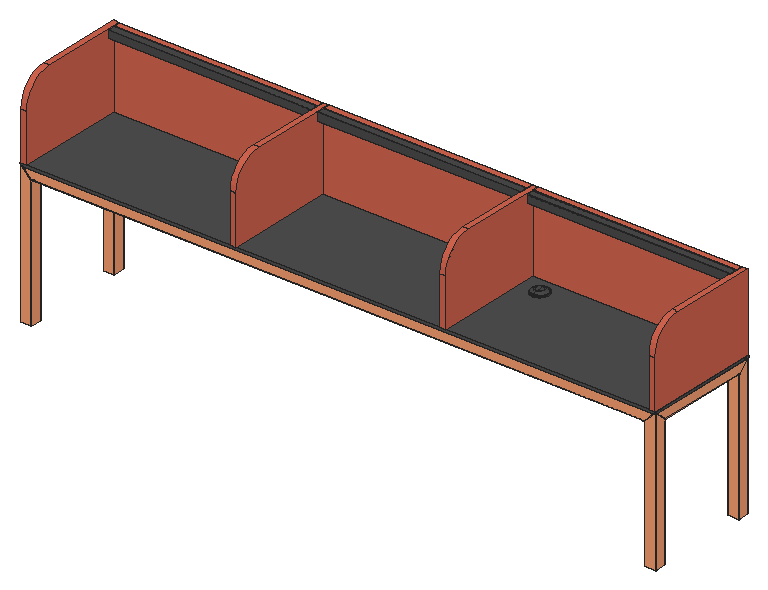
Revit family "Table_MARK_Type Focus_ 3Booth_3300x600-Rev2", category Furniture, Revit 2015
Parameters (values of type "MidSepLength")
  Weight = ""
  URL = "http://www.markproduct.com/products/"
  Sales_Email = "enquiries@markproduct.com"  # constant formula
  Revit Version = "Revit 2015"  # constant formula
  Product Desctription = " Type FocusTable System"  # constant formula
  Product Color = "Available all color"  # constant formula
  Product Category = " Type FocusTable System"  # constant formula
  Part Number = ""
  Offset = 20 mm
  Model Version = "1"  # constant formula
  Model = " 1100x3300 mm 6 Booth Type FocusTable System"  # constant formula
  MidSepLength = (Width - 70 mm - 60 mm) / 3  # 1056.667 mm
  Material_TableTop = Mark_BALCK 2
  Material_Frame = Mark_Orange
  Material_Seperator = Mark_Red5
  Manufaturer Phone Number = "01209 860 133"  # constant formula
  Manufacturer_Email = "enquiries@markproduct.com"  # constant formula
  Manufacturer URL = "http://www.markproduct.com/"
  Manufacturer Adress = "Rosemanowes Quarry, Herniss, Penryn,\r\n\r\nCornwall, TR10 9DU"  # constant formula
  Manufacturer = "MARK"
  Width = 3300 mm  # constant formula
  Leg_Offset = 55 mm  # constant formula
  LegHeight = Height + 10 mm - 12 mm  # 738 mm
  Height = 740 mm  # constant formula
  Frame Width = 50 mm
  Fixture Material = Mark_BALCK
  Fillet = 3 mm
  Depth = 600 mm  # constant formula
  Creation Date = "June 20, 2020"  # constant formula
  Author = "Ulas Deniz (revitizm@gmal.com)"  # constant formula
  Assembly Code = "E2020500"
Types (2, lengths in mm): name | URL | Material_TableTop | Material_Frame | Material_Seperator | Fixture Material | Assembly Code
  Table 1 | "http://www.markproduct.com/products/studioscape/" | Linen, Blue_Light | Metal Panel | Linen, Blue | Metal Panel | "E2020400"
  MidSepLength | "http://www.markproduct.com/products/" | Mark_BALCK 2 | Mark_Orange | Mark_Red5 | Mark_BALCK | "E2020500"
Reference planes
  plane 1 "Center Front/Back": y = 0
  plane 2: z = 0
  plane 3 "Center Left/Right": x = 0
  plane 4 "Frame Top": z = 728
  plane 5: x = -1650
  plane 6: y = 300
  plane 7: y = -300
  plane 8: x = 1650
  plane 9 "Frame Bottom": z = 678
  plane 10 "TABLE TOP": z = 740
  plane 11: x = -1645
  plane 12: x = 1645
  plane 13: x = -1615
  plane 14: x = 1615
  plane 15: x = -663.3
  plane 16: x = 663.3
  plane 17: y = 180
  plane 18: y = -95
  plane 19: x = -543.3
  plane 20: x = 543.3
  plane 21: x = -423.3
  plane 22: x = 423.3
Dimensions and locks
  plane 6 to plane 7 = 600 mm
  plane 5 to plane 8 = 3300 mm
  equal spacing: plane 5, plane 3 "Center Left/Right", plane 8
  "Frame Width": plane 4 "Frame Top" to plane 9 "Frame Bottom"
  locked: plane 10 "TABLE TOP" to plane 4 "Frame Top" at 12
  locked: level to plane 10 "TABLE TOP" at 740
  locked: plane 12 to plane 8 at 5
  locked: plane 5 to plane 11 at 5
  nested 15 to plane 17 to plane 18 = 102 mm, 275 mm
  locked: plane 11 to plane 13 at 30
  locked: plane 14 to plane 12 at 30
  locked: plane 15 to nested 16 at 120
  locked: nested 17 to plane 16 at 120
  locked: nested 16 to plane 21 at 120
  locked: plane 22 to nested 17 at 120
  plane 13 to nested 14 = 1056.667 mm
  nested 15 to plane 14 = 1056.667 mm
  plane 13 to plane 19 to plane 20 to plane 14 = 1071.7 mm, 1086.6 mm, 1071.7 mm
  locked: plane 6 to plane 17 at 120
  equal spacing: plane 7, plane 1 "Center Front/Back", plane 6
  aligned and locked: level to plane 2
  aligned and locked: nested 4 to plane 4 "Frame Top"
  aligned and locked: plane 5 to nested 2
  aligned and locked: plane 7 to nested 2
  aligned and locked: nested 7 to plane 8
  aligned and locked: nested 7 to plane 6
  aligned and locked: plane 5 to nested 1
  aligned and locked: nested 1 to plane 6
  aligned and locked: nested 3 to plane 8
  aligned and locked: plane 7 to nested 3
  aligned and locked: plane 4 "Frame Top" to nested 11
  aligned and locked: plane 4 "Frame Top" to nested 10
  aligned and locked: plane 4 "Frame Top" to nested 8
  aligned and locked: plane 4 "Frame Top" to nested 9
  aligned and locked: plane 6 to nested 10
  aligned and locked: nested 11 to plane 7
  aligned and locked: nested 10 to plane 3 "Center Left/Right"
  aligned and locked: plane 3 "Center Left/Right" to nested 11
  aligned and locked: plane 8 to nested 9
  aligned and locked: plane 1 "Center Front/Back" to nested 8
  aligned and locked: nested 8 to plane 5
  aligned and locked: nested 12 to plane 10 "TABLE TOP"
  aligned and locked: nested 13 to plane 10 "TABLE TOP"
  aligned and locked: nested 14 to plane 10 "TABLE TOP"
  aligned and locked: nested 6 to plane 17
  aligned and locked: nested 5 to plane 17
  aligned and locked: plane 11 to nested 12
  aligned and locked: plane 14 to nested 15
  aligned and locked: nested 15 to plane 10 "TABLE TOP"
  aligned and locked: plane 1 "Center Front/Back" to nested 16
  aligned and locked: plane 1 "Center Front/Back" to nested 17
  aligned and locked: nested 18 to plane 17
  aligned and locked: plane 22 to nested 18
  aligned and locked: nested 16 to plane 19
  aligned and locked: nested 17 to plane 20
  aligned and locked: plane 3 "Center Left/Right" to nested 4
  aligned and locked: plane 6 to nested 19
  aligned and locked: plane 1 "Center Front/Back" to nested 4
  aligned and locked: plane 6 to nested 15
  aligned and locked: nested 4 to nested 13
  aligned and locked: plane 6 to nested 14
  aligned and locked: nested 9 to plane 1 "Center Front/Back"
Nested families
  nested 1: "Leg2" at (-1620, 270, 0) x (0, -1, 0) z (0, 0, 1), type "Leg2"
    with Leg_Height 738 mm
  nested 2: "Leg2" at (-1620, -270, 0), type "Leg2"
    with Leg_Height 738 mm
  nested 3: "Leg2" at (1620, -270, 0) x (0, 1, 0) z (0, 0, 1), type "Leg2"
    with Leg_Height 738 mm
  nested 4: "TableTopFlat" at (0, 0, 728), type "TableTopFlat"
    with Width 3300 mm, Depth 600 mm
  nested 5: "Priz" at (-663.3, 180, 740), type "Priz"
  nested 6: "Priz" at (663.3, 180, 740), type "Priz"
  nested 7: "Leg2" at (1620, 270, 0) x (-1, 0, 0) z (0, 0, 1), type "Leg2"
    with Leg_Height 738 mm
  nested 8: "FrameElement" at (-1650, 0, 678) x (0, -1, 0) z (0, 0, 1), Length <- "Depth", type "FrameElement"
    with Length 600 mm
  nested 9: "FrameElement" at (1650, 0, 678) x (0, 1, 0) z (0, 0, 1), Length <- "Depth", type "FrameElement"
    with Length 600 mm
  nested 10: "FrameElement" at (0, 300, 678) x (-1, 0, 0) z (0, 0, 1), Length <- "Width", type "FrameElement"
    with Length 3300 mm
  nested 11: "FrameElement" at (0, -300, 678), Length <- "Width", type "FrameElement"
    with Length 3300 mm
  nested 12: "Seperator" at (-1630, 0, 740) x (0, -1, 0) z (0, 0, 1), Length <- "Depth", type "Seperator"
    with RightFilletLength 60 mm, RightFillet yes, Length 600 mm, LeftFilletLength 20 mm, LeftFillet no, Thickness 30 mm, Height 400 mm
  nested 13: "Seperator" at (1630, 0, 740) x (0, -1, 0) z (0, 0, 1), Length <- "Depth", type "Seperator"
    with RightFilletLength 60 mm, RightFillet yes, Length 600 mm, LeftFilletLength 20 mm, LeftFillet no, Thickness 30 mm, Height 400 mm
  nested 14: "MidSep" at (-1086.667, 282, 740), Length <- "MidSepLength", type "MidSep"
    with Length 1056.667 mm, BackProfile no
  nested 15: "MidSep" at (1086.667, 282, 740), Length <- "MidSepLength", type "MidSep"
    with Length 1056.667 mm, BackProfile no
  nested 16: "Seperator" at (-543.3, 0, 740) x (0, -1, 0) z (0, 0, 1), Length <- "Depth", type "Seperator"
    with RightFilletLength 60 mm, RightFillet yes, Length 600 mm, LeftFilletLength 20 mm, LeftFillet no, Thickness 30 mm, Height 400 mm
  nested 17: "Seperator" at (543.3, 0, 740) x (0, -1, 0) z (0, 0, 1), Length <- "Depth", type "Seperator"
    with RightFilletLength 60 mm, RightFillet yes, Length 600 mm, LeftFilletLength 20 mm, LeftFillet no, Thickness 30 mm, Height 400 mm
  nested 18: "Priz" at (423.3, 180, 740), type "Priz"
  nested 19: "MidSep" at (0.033, 282, 740), Length <- "MidSepLength", type "MidSep"
    with Length 1056.667 mm, BackProfile no
Definition of nested family "Leg2"
  Parameters (values of type "Leg2")
    Leg_Width = 60 mm
    Leg_Height = 760 mm
    Leg_Depth = 60 mm
    Leg Material = none
    Fillet = 3 mm
  Reference planes
    plane 1 "Center (Front/Back)": y = 0
    plane 2: z = 0
    plane 3 "Center (Left/Right)": x = 0
    plane 4: x = -30
    plane 5: x = 30
    plane 6: y = -30
    plane 7: y = 30
    plane 8: z = 3
    plane 9: z = 760
    plane 10: z = 750
  Forms (mm)
    Extrusion 1, solid, material <- "Leg Material"
      sketch origin (0, 0, 0) x (1, 0, 0) y (0, 1, 0)
        loop
          arc (-27, 30) -> (-29.121, 29.121) -> (-30, 27) r 3
          line (-30, 27) -> (-30, -27)
          arc (-30, -27) -> (-29.121, -29.121) -> (-27, -30) r 3
          line (-27, -30) -> (27, -30)
          arc (27, -30) -> (29.121, -29.121) -> (30, -27) r 3
          line (30, -27) -> (30, 27)
          arc (30, 27) -> (29.121, 29.121) -> (27, 30) r 3
          line (27, 30) -> (-27, 30)
      from 3 to 760
    Extrusion 2, solid
      sketch origin (0, 0, 0) x (1, 0, 0) y (0, 1, 0)
        loop
          circle (0, 0) r 20
      from 0 to 3
    Extrusion 3, void
      sketch origin (0, 0, 0) x (1, 0, 0) y (0, 0, 1)
        loop
          line (30, 760) -> (-30, 760) -> (30, 700) -> (30, 760)
      from -30 to 30
    Extrusion 4, void
      sketch origin (0, 0, 0) x (0, 1, 0) y (0, 0, 1)
        loop
          line (30, 700) -> (30, 760) -> (-30, 760) -> (30, 700)
      from -30 to 30
    Extrusion 5, void
      sketch origin (0, 0, 0) x (1, 0, 0) y (0, 0, 1)
        loop
          line (-30, 750) -> (48.117, 750) -> (48.117, 760) -> (-30, 760) -> (-30, 750)
      from -30 to 30
  Cuts and joins
    Extrusion 3, Extrusion 4, Extrusion 5 cuts Extrusion 1
  Dimensions and locks
    "Leg_Width": plane 4 to plane 5
    "Leg_Depth": plane 7 to plane 6
    equal spacing: plane 7, plane 1 "Center (Front/Back)", plane 6
    equal spacing: plane 4, plane 3 "Center (Left/Right)", plane 5
    "Leg_Height": plane 9 to level
    plane 8 to level = 3 mm
    "Leg_Width": plane 9 to Extrusion 3 sketch curve
    "Leg_Width": Extrusion 4 sketch curve to Extrusion 4 sketch curve
    "Leg_Width": cut or joined group of Extrusion 1, Extrusion 3, Extrusion 4, Extrusion 5 to Extrusion 4 sketch curve
    plane 9 to plane 10 = 10 mm  (x2)
    "Fillet": radius of Extrusion 1 sketch curve  (x4)
    aligned and locked: level to plane 2
    aligned and locked: Extrusion 1 sketch curve to plane 7
    aligned and locked: plane 4 to Extrusion 1 sketch curve
    aligned and locked: plane 6 to Extrusion 1 sketch curve
    aligned and locked: Extrusion 1 sketch curve to plane 5
    aligned and locked: Extrusion 1 to plane 8
    aligned and locked: plane 1 "Center (Front/Back)" to Extrusion 2 sketch curve
    aligned and locked: plane 3 "Center (Left/Right)" to Extrusion 2 sketch curve
    aligned and locked: Extrusion 2 to Extrusion 1
    aligned and locked: plane 9 to Extrusion 1
    aligned and locked: Extrusion 3 sketch curve to Extrusion 1
    aligned and locked: Extrusion 1 to Extrusion 3 sketch curve
    aligned and locked: Extrusion 4 sketch curve to cut or joined group of Extrusion 1, Extrusion 3, Extrusion 4, Extrusion 5
    aligned and locked: Extrusion 4 sketch curve to plane 9
    aligned and locked: Extrusion 4 to Extrusion 1
    aligned and locked: Extrusion 1 to Extrusion 4
    aligned and locked: Extrusion 1 to Extrusion 3
    aligned and locked: Extrusion 3 to Extrusion 1
    aligned and locked: Extrusion 5 sketch curve to plane 10
    aligned and locked: Extrusion 5 sketch curve to cut or joined group of Extrusion 1, Extrusion 3, Extrusion 4, Extrusion 5
    aligned and locked: plane 9 to Extrusion 5 sketch curve
    aligned and locked: cut or joined group of Extrusion 1, Extrusion 3, Extrusion 4, Extrusion 5 to Extrusion 5
    aligned and locked: Extrusion 5 to cut or joined group of Extrusion 1, Extrusion 3, Extrusion 4, Extrusion 5
  Automatic sketch dimensions
    Extrusion 1 sketch curve to plane 5 = 0 mm
    Extrusion 3 sketch curve to plane 3 "Center (Left/Right)" = 30 mm
    plane 3 "Center (Left/Right)" to Extrusion 5 sketch curve = 48.117 mm
    radius of Extrusion 2 sketch curve = 20 mm
Definition of nested family "TableTopFlat"
  Parameters (values of type "TableTopFlat")
    Width = 3118 mm
    Thickness = 12 mm
    Depth = 1400 mm
    Leg Material = none
    Fillet = 3 mm
    Chamfer = 2 mm
  Reference planes
    plane 1 "Center (Front/Back)": y = 0
    plane 2: z = 0
    plane 3 "Center (Left/Right)": x = 0
    plane 4: x = -1559
    plane 5: x = 1559
    plane 6: y = -700
    plane 7: y = 700
    plane 8: z = 12
  Forms (mm)
    Extrusion 1, solid, material <- "Leg Material"
      sketch origin (0, 0, 0) x (1, 0, 0) y (0, 1, 0)
        loop
          arc (-1556, 700) -> (-1558.121, 699.121) -> (-1559, 697) r 3
          line (-1559, 697) -> (-1559, -697)
          arc (-1559, -697) -> (-1558.121, -699.121) -> (-1556, -700) r 3
          line (-1556, -700) -> (1556, -700)
          arc (1556, -700) -> (1558.121, -699.121) -> (1559, -697) r 3
          line (1559, -697) -> (1559, 697)
          arc (1559, 697) -> (1558.121, 699.121) -> (1556, 700) r 3
          line (1556, 700) -> (-1556, 700)
      from 0 to 12
  Dimensions and locks
    "Width": plane 4 to plane 5
    "Depth": plane 7 to plane 6
    equal spacing: plane 7, plane 1 "Center (Front/Back)", plane 6
    equal spacing: plane 4, plane 3 "Center (Left/Right)", plane 5
    "Thickness": plane 8 to level
    "Fillet": radius of Extrusion 1 sketch curve  (x4)
    aligned and locked: level to plane 2
    aligned and locked: Extrusion 1 sketch curve to plane 7
    aligned and locked: Extrusion 1 sketch curve to plane 4
    aligned and locked: Extrusion 1 sketch curve to plane 6
    aligned and locked: Extrusion 1 sketch curve to plane 5
    aligned and locked: Extrusion 1 to plane 8
    aligned and locked: Extrusion 1 to level
  Automatic sketch dimensions
    Extrusion 1 sketch curve to plane 5 = 0 mm
Definition of nested family "Priz"
  Parameters (values of type "Priz")
    Material = none
    Default Elevation = 1219.2 mm
  Reference planes
    plane 1 "Center (Front/Back)": y = 0
    plane 2: z = 0
    plane 3 "Center (Left/Right)": x = 0
  Forms (mm)
    Extrusion 1, solid
      sketch origin (0, 0, 0) x (1, 0, 0) y (0, 1, 0)
        loop
          line (-1219.2, 1219.2) -> (-1219.2, -1219.2) -> (1219.2, -1219.2) -> (1219.2, 1219.2) -> (-1219.2, 1219.2)
      from 0 to -304.8
    Revolve 2, solid, material <- "Material"
      sketch origin (0, 0, 0) x (0, 1, 0) y (0, 0, 1)
        loop
          line (-45, 0) -> (0, 0) -> (0, 15.6) -> (-21.143, 15.6)
          arc (-21.143, 15.6) -> (-22.631, 15.4) -> (-24.013, 14.814) r 5.629
          line (-24.013, 14.814) -> (-40.976, 5.684)
          arc (-40.976, 5.684) -> (-41.361, 5.316) -> (-41.502, 4.803) r 1
          line (-41.502, 4.803) -> (-41.502, 3.667)
          arc (-41.502, 3.667) -> (-41.699, 3.088) -> (-42.208, 2.748) r 0.952
          line (-42.208, 2.748) -> (-44.268, 2.196)
          arc (-44.268, 2.196) -> (-44.796, 1.843) -> (-45, 1.242) r 0.987
          line (-45, 1.242) -> (-45, 0)
        axis (0, 15.6) -> (0, 0)
      angle from 0 to 360
  Dimensions and locks
    Revolve 2 sketch curve to Extrusion 1 = 15.6 mm
    aligned and locked: plane 2 to Extrusion 1
    aligned and locked: level to Extrusion 1
Definition of nested family "FrameElement"
  Parameters (values of type "FrameElement")
    Material = none
    Length [instance] = 1400 mm
    H [instance] = 50 mm
    Fillet = 3 mm
  Reference planes
    plane 1 "Center (Front/Back)": y = 0
    plane 2: z = 0
    plane 3 "Center (Left/Right)": x = 0
    plane 4: x = -700
    plane 5: x = 700
    plane 6: y = 50
    plane 7: z = 50
    plane 8: x = -690
    plane 9: x = 690
  Forms (mm)
    Extrusion 1, solid, material <- "Material"
      sketch origin (0, 0, 0) x (1, 0, 0) y (0, 0, 1)
        loop
          line (-690, 50) -> (-640, 0) -> (640, 0) -> (690, 50) -> (-690, 50)
      from 0 to -50
    Extrusion 2, void
      sketch origin (0, 0, 0) x (0, 1, 0) y (0, 0, 1)
        loop
          line (3, 50) -> (0, 50) -> (0, 47)
          arc (0, 47) -> (0.879, 49.121) -> (3, 50) r 3
        loop
          arc (3, 0) -> (0.879, 0.879) -> (0, 3) r 3
          line (0, 3) -> (0, 0) -> (3, 0)
      from -690 to 690
  Cuts and joins
    Extrusion 2 cuts Extrusion 1
  Lines and regions (mm)
    reference lines
      curve 1: line (-690, 0, 50) -> (-633.431, 0, -6.569)
      curve 2: line (690, 0, 50) -> (640, 0, 0)
  Dimensions and locks
    "Length": plane 4 to plane 5
    equal spacing: plane 4, plane 3 "Center (Left/Right)", plane 5
    locked: plane 7 to level at 50
    locked: plane 8 to plane 4 at 10
    locked: plane 5 to plane 9 at 10
    plane 1 "Center (Front/Back)" to plane 6 = 50 mm
    "H": level to plane 7
    "Fillet": radius of Extrusion 2 sketch curve  (x2)
    locked: plane 7 to curve 2 (angle 45.00°)
    locked: plane 8 to curve 1 (angle 45.00°)
    aligned and locked: plane 2 to level
    aligned and locked: plane 8 to curve 1
    aligned and locked: plane 9 to curve 2
    aligned and locked: Extrusion 1 sketch curve to plane 7
    aligned and locked: Extrusion 1 sketch curve to level
    aligned and locked: curve 1 to Extrusion 1 sketch curve
    aligned and locked: Extrusion 1 sketch curve to curve 2
    aligned and locked: plane 6 to Extrusion 1
    aligned and locked: Extrusion 2 sketch curve to Extrusion 1
    aligned and locked: Extrusion 2 sketch curve to curve 1
    aligned and locked: Extrusion 1 to Extrusion 2 sketch curve
    aligned and locked: curve 2 to Extrusion 2 sketch curve
    aligned and locked: plane 9 to Extrusion 2
    aligned and locked: Extrusion 2 to plane 8
  Automatic sketch dimensions
    curve 2 to level = 0 mm
    curve 1 to plane 7 = 0 mm
Definition of nested family "Seperator"
  Parameters (values of type "Seperator")
    Thickness = 36 mm
    RightFilletLength [instance] = if(RightFillet, 60 mm, 20 mm)  # 60 mm
    RightFillet [instance] = yes
    Material = none
    Length [instance] = 1500 mm
    LeftFilletLength [instance] = if(LeftFillet, 60 mm, 20 mm)  # 60 mm
    LeftFillet [instance] = yes
    Height = 500 mm
  Reference planes
    plane 1 "Center (Front/Back)": y = 0
    plane 2: z = 0
    plane 3 "Center (Left/Right)": x = 0
    plane 4: x = -750
    plane 5: x = 750
    plane 6: y = 18
    plane 7: y = -18
    plane 8: z = 500
    plane 9: y = 40
  Forms (mm)
    Extrusion 1, solid, material <- "Material"
      sketch origin (0, 0, 0) x (1, 0, 0) y (0, 1, 0)
        loop
          line (-750, 18) -> (-750, -18) -> (750, -18) -> (750, 18) -> (-750, 18)
      from 0 to 500
    Extrusion 2, void
      sketch origin (-1040, 40, 1200) x (1, 0, 0) y (0, 0, 1)
        loop
          arc (1640, -700) -> (1746.066, -743.934) -> (1790, -850) r 150
          line (1790, -850) -> (1790, -700) -> (1640, -700)
      from 0 to 60 <- "RightFilletLength"
    Extrusion 3, void
      sketch origin (-1040, 40, 1200) x (1, 0, 0) y (0, 0, 1)
        loop
          line (440, -700) -> (290, -700) -> (290, -850)
          arc (290, -850) -> (333.934, -743.934) -> (440, -700) r 150
      from 0 to 60 <- "LeftFilletLength"
  Cuts and joins
    Extrusion 2, Extrusion 3 cuts Extrusion 1
  Dimensions and locks
    equal spacing: plane 6, plane 1 "Center (Front/Back)", plane 7
    "Thickness": plane 6 to plane 7
    equal spacing: plane 4, plane 3 "Center (Left/Right)", plane 5
    "Length": plane 4 to plane 5
    "Height": plane 8 to level
    locked: plane 9 to plane 6 at 22
    aligned and locked: level to plane 2
    aligned and locked: Extrusion 1 sketch curve to plane 6
    aligned and locked: plane 4 to Extrusion 1 sketch curve
    aligned and locked: plane 7 to Extrusion 1 sketch curve
    aligned and locked: Extrusion 1 sketch curve to plane 5
    aligned and locked: plane 8 to Extrusion 1
    aligned and locked: Extrusion 1 to Extrusion 2 sketch curve
    aligned and locked: Extrusion 2 sketch curve to Extrusion 1
    aligned and locked: Extrusion 3 sketch curve to plane 8
    aligned and locked: Extrusion 3 sketch curve to cut or joined group of Extrusion 1, Extrusion 2, Extrusion 3
  Automatic sketch dimensions
    Extrusion 2 sketch curve to Extrusion 2 sketch curve = 150 mm
    plane 4 to Extrusion 3 sketch curve = 150 mm
Definition of nested family "MidSep"
  Parameters (values of type "MidSep")
    Thickness = 36 mm
    Material = none
    Length [instance] = 1500 mm
    Fixture material = none
    BackProfile [instance] = yes
    Height = 400 mm
  Reference planes
    plane 1 "Center (Front/Back)": y = 0
    plane 2: z = 0
    plane 3 "Center (Left/Right)": x = 0
    plane 4: x = -750
    plane 5: x = 750
    plane 6: y = 18
    plane 7: y = -18
    plane 8: z = 400
  Forms (mm)
    Extrusion 1, solid, material <- "Material"
      sketch origin (0, 0, 0) x (1, 0, 0) y (0, 1, 0)
        loop
          line (-750, 18) -> (-750, -18) -> (750, -18) -> (750, 18) -> (-750, 18)
      from 0 to 400
    Extrusion 2, solid, material <- "Fixture material"
      sketch origin (0, 0, 0) x (0, 1, 0) y (0, 0, 1)
        loop
          line (-20, 400) -> (-56, 400)
          arc (-56, 400) -> (-57.414, 399.414) -> (-58, 398) r 2
          line (-58, 398) -> (-58, 360) -> (-56, 360) -> (-56, 398) -> (-20, 398) -> (-20, 360) -> (-18, 360) -> (-18, 398)
          arc (-18, 398) -> (-18.586, 399.414) -> (-20, 400) r 2
      from -750 to 750
    Extrusion 3, solid, material <- "Fixture material", visible <- "BackProfile"
      sketch origin (0, 0, 0) x (0, -1, 0) y (0, 0, -1)
        loop
          arc (-20, -400) -> (-18.586, -399.414) -> (-18, -398) r 2
          line (-18, -398) -> (-18, -360) -> (-20, -360) -> (-20, -398) -> (-56, -398) -> (-56, -360) -> (-58, -360) -> (-58, -398)
          arc (-58, -398) -> (-57.414, -399.414) -> (-56, -400) r 2
          line (-56, -400) -> (-20, -400)
      from -750 to 750
  Dimensions and locks
    equal spacing: plane 6, plane 1 "Center (Front/Back)", plane 7
    "Thickness": plane 6 to plane 7
    equal spacing: plane 4, plane 3 "Center (Left/Right)", plane 5
    "Length": plane 4 to plane 5
    "Height": plane 8 to level
    Extrusion 2 sketch curve to Extrusion 2 sketch curve to Extrusion 2 sketch curve to Extrusion 2 sketch curve = 2 mm locked, 36 mm locked, 2 mm locked
    Extrusion 3 sketch curve to Extrusion 3 sketch curve to Extrusion 3 sketch curve to Extrusion 3 sketch curve = 2 mm locked, 36 mm locked, 2 mm locked
    aligned and locked: level to plane 2
    aligned and locked: Extrusion 1 sketch curve to plane 6
    aligned and locked: plane 4 to Extrusion 1 sketch curve
    aligned and locked: plane 7 to Extrusion 1 sketch curve
    aligned and locked: Extrusion 1 sketch curve to plane 5
    aligned and locked: plane 8 to Extrusion 1
    aligned and locked: Extrusion 3 to plane 6
    aligned and locked: plane 7 to Extrusion 2
    aligned and locked: plane 5 to Extrusion 2
    aligned and locked: plane 5 to Extrusion 3
    aligned and locked: Extrusion 3 to plane 4
    aligned and locked: Extrusion 2 to plane 4
  Automatic sketch dimensions
    Extrusion 2 sketch curve to plane 8 = 0 mm
    Extrusion 2 sketch curve to plane 7 = 0 mm
    Extrusion 2 sketch curve to Extrusion 2 sketch curve = 0 mm  (x4)
    Extrusion 2 sketch curve to Extrusion 2 sketch curve = 38 mm
    Extrusion 3 sketch curve to plane 8 = 0 mm
    Extrusion 3 sketch curve to plane 6 = 0 mm
    Extrusion 3 sketch curve to Extrusion 3 sketch curve = 0 mm  (x4)
    Extrusion 3 sketch curve to Extrusion 3 sketch curve = 38 mm
